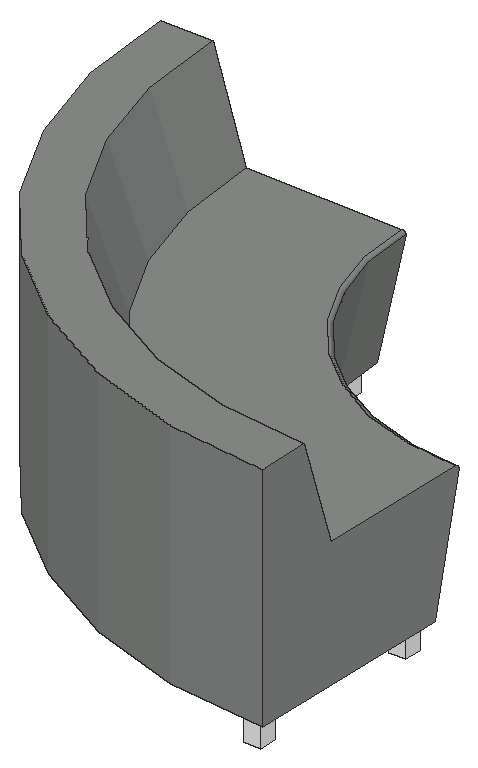
Revit family
Parameters (values of type "Couch")
  Upholstery [instance] = Upholstery - Leather
  Feet [instance] = Chrome - Polished
  Assembly Code = ""
Reference planes (in)
  plane 1 "Center F/B": y = 49.99576
  plane 2: z = 0
  plane 3 "Center L/R": x = -21.29142
  plane 4: z = 3
Forms (in)
  Extrusion 1, solid, material "Chrome - Polished" <- "Feet"
    sketch origin (4.01517, -11.51825, 0) x (-1, 0, 0) y (0, -1, 0)
      loop
        line (54.79988, -89.0073) -> (56.79988, -89.0073) -> (56.79988, -87.0073) -> (54.79988, -87.0073) -> (54.79988, -89.0073)
      loop
        line (35.56217, -89.0073) -> (35.56217, -87.0073) -> (33.56217, -87.0073) -> (33.56217, -89.0073) -> (35.56217, -89.0073)
      loop
        line (-0.69342, -33.514) -> (1.30658, -33.514) -> (1.30658, -31.514) -> (-0.69342, -31.514) -> (-0.69342, -33.514)
      loop
        line (-0.69342, -52.75172) -> (-0.69342, -54.75172) -> (1.30658, -54.75172) -> (1.30658, -52.75172) -> (-0.69342, -52.75172)
    from 0 to 3
  Sweep 2, solid, material "Upholstery - Leather" <- "Upholstery"
    path origin (0, 0, 24) x (1, 0, 0) y (0, 1, 0)
      loop
        arc (5.70858, 49.7489) -> (-14.61378, 58.1667) -> (-23.03158, 78.48906) r 28.74016
    profile origin (-14.61378, 58.1667, 24) x (-0.707107, -0.707107, 0) y (0, 0, 1)
      loop
        line (30.75314, 6) -> (24.71727, 6) -> (20.81823, -6) -> (2.56823, -6)
        arc (2.56823, -6) -> (2.2719, -6.12275) -> (2.14915, -6.41908) r 0.41908
        line (2.14915, -6.41908) -> (5.51542, -21) -> (30.75314, -21) -> (30.75314, 6)
Dimensions and locks (in)
  plane 4 to level = 0' - 3"
